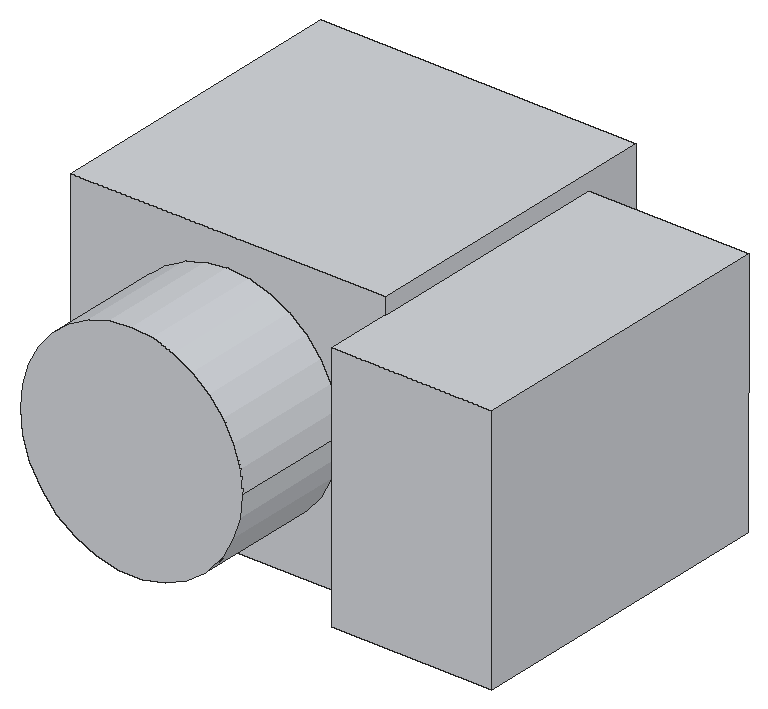
Revit family "EZTS", category Mechanical Equipment, Revit 2018
Family settings
  Round Connector Dimension = Use Diameter
  Part Type = Normal
  OmniClass Number = 23.75.00.00
  OmniClass Title = Climate Control (HVAC)
  Work Plane-Based = No
  Always vertical = Yes
  Cut with Voids When Loaded = No
  Shared = No
  Room Calculation Point = No
Parameters (values of type "Inlet Size 10 W/ Controller RH")
  Width = 1' - 2"
  URL = "https://www.anemostat-hvac.com/"
  RightController = yes
  Model = "EZTS"
  Manufacturer = "ANEMOSTAT PRODUCTS"
  Length = 1' - 2 1/2"
  LeftController = no
  Inlet_S = 0' - 5 3/8"
  InletRadius = InletDia / 2  # 0' - 4 15/16"
  InletDia = 0' - 9 7/8"
  Height = 1' - 0 1/2"
  EnslosureRear = 1' - 2 7/32"
  EnclosureWidth = 0' - 7 1/8"
  EnclosureHeight = 0' - 11 3/32"
  EnclosureFront = 0' - 3"
  EnclosureCenter = Height / 2  # 0' - 6 1/4"
  DischargeY = Height - 0' 1 1/4"  # 0' - 11 1/4"
  DischargeX = Width - 0' 1 1/4"  # 1' - 0 3/4"
  Discharge = 0' - 0 5/8"
  Description = "EZTS With Controller"
Types (18): name | Width | URL | RightController | Length | LeftController | InletRadius | InletDia | Height | EnclosureCenter | DischargeY | DischargeX
  Inlet Size 06 W/ Controller LH | 0' - 10" | "https://www.anemostat-hvac.com/" | no | 1' - 0 1/2" | yes | 0' - 2 15/16" | 0' - 5 7/8" | 0' - 10" | 0' - 5" | 0' - 8 3/4" | 0' - 8 3/4"
  Inlet Size 06 W/ Controller RH | 0' - 10" | "https://www.anemostat-hvac.com/" | yes | 1' - 0 1/2" | no | 0' - 2 15/16" | 0' - 5 7/8" | 0' - 10" | 0' - 5" | 0' - 8 3/4" | 0' - 8 3/4"
  Inlet Size 05 W/ Controller LH | 0' - 10" | "https://www.anemostat-hvac.com/" | no | 1' - 0 1/2" | yes | 0' - 2 7/16" | 0' - 4 7/8" | 0' - 10" | 0' - 5" | 0' - 8 3/4" | 0' - 8 3/4"
  Inlet Size 05 W/ Controller RH | 0' - 10" | "https://www.anemostat-hvac.com/" | yes | 1' - 0 1/2" | no | 0' - 2 7/16" | 0' - 4 7/8" | 0' - 10" | 0' - 5" | 0' - 8 3/4" | 0' - 8 3/4"
  Inlet Size 08 W/ Controller LH | 1' - 0" | "https://www.anemostat-hvac.com/" | no | 1' - 0 1/2" | yes | 0' - 3 15/16" | 0' - 7 7/8" | 0' - 10" | 0' - 5" | 0' - 8 3/4" | 0' - 10 3/4"
  Inlet Size 08 W/ Controller RH | 1' - 0" | "https://www.anemostat-hvac.com/" | yes | 1' - 0 1/2" | no | 0' - 3 15/16" | 0' - 7 7/8" | 0' - 10" | 0' - 5" | 0' - 8 3/4" | 0' - 10 3/4"
  Inlet Size 07 W/ Controller RH | 1' - 0" | "https://www.anemostat-hvac.com/" | yes | 1' - 0 1/2" | no | 0' - 3 7/16" | 0' - 6 7/8" | 0' - 10" | 0' - 5" | 0' - 8 3/4" | 0' - 10 3/4"
  Inlet Size 07 W/ Controller LH | 1' - 0" | "https://www.anemostat-hvac.com/" | no | 1' - 0 1/2" | yes | 0' - 3 7/16" | 0' - 6 7/8" | 0' - 10" | 0' - 5" | 0' - 8 3/4" | 0' - 10 3/4"
  Inlet Size 10 W/ Controller LH | 1' - 2" | "https://www.anemostat-hvac.com/" | no | 1' - 2 1/2" | yes | 0' - 4 15/16" | 0' - 9 7/8" | 1' - 0 1/2" | 0' - 6 1/4" | 0' - 11 1/4" | 1' - 0 3/4"
  Inlet Size 10 W/ Controller RH | 1' - 2" | "https://www.anemostat-hvac.com/" | yes | 1' - 2 1/2" | no | 0' - 4 15/16" | 0' - 9 7/8" | 1' - 0 1/2" | 0' - 6 1/4" | 0' - 11 1/4" | 1' - 0 3/4"
  Inlet Size 09 W/ Controller RH | 1' - 2" | "https://www.anemostat-hvac.com/" | yes | 1' - 2 1/2" | no | 0' - 4 7/16" | 0' - 8 7/8" | 1' - 0 1/2" | 0' - 6 1/4" | 0' - 11 1/4" | 1' - 0 3/4"
  Inlet Size 09 W/ Controller LH | 1' - 2" | "https://www.anemostat-hvac.com/" | no | 1' - 2 1/2" | yes | 0' - 4 7/16" | 0' - 8 7/8" | 1' - 0 1/2" | 0' - 6 1/4" | 0' - 11 1/4" | 1' - 0 3/4"
  Inlet Size 12 W/ Controller LH | 1' - 4" | "https://www.anemostat-hvac.com/" | no | 1' - 6 1/2" | yes | 0' - 5 15/16" | 0' - 11 7/8" | 1' - 3" | 0' - 7 1/2" | 1' - 1 3/4" | 1' - 2 3/4"
  Inlet Size 12 W/ Controller RH | 1' - 4" | "https://www.anemostat-hvac.com/" | yes | 1' - 6 1/2" | no | 0' - 5 15/16" | 0' - 11 7/8" | 1' - 3" | 0' - 7 1/2" | 1' - 1 3/4" | 1' - 2 3/4"
  Inlet Size 14 W/ Controller LH | 1' - 8" | "https://www.anemostat-hvac.com/" | no | 1' - 6 1/2" | yes | 0' - 6 15/16" | 1' - 1 7/8" | 1' - 5 1/2" | 0' - 8 3/4" | 1' - 4 1/4" | 1' - 6 3/4"
  Inlet Size 14 W/ Controller RH | 1' - 8" | "https://www.anemostat-hvac.com/" | yes | 1' - 6 1/2" | no | 0' - 6 15/16" | 1' - 1 7/8" | 1' - 5 1/2" | 0' - 8 3/4" | 1' - 4 1/4" | 1' - 6 3/4"
  Inlet Size 16 W/ Controller LH | 2' - 0" | "https://www.anemostat-hvac.com/" | no | 1' - 6 1/2" | yes | 0' - 7 15/16" | 1' - 3 7/8" | 1' - 5 1/2" | 0' - 8 3/4" | 1' - 4 1/4" | 1' - 10 3/4"
  Inlet Size 16 W/ Controller RH | 2' - 0" | "https://www.anemostat-hvac.com/\r\nhttps://www.anemostat-hvac.com/\r\nhttps://www.anemostat-hvac.com/" | yes | 1' - 6 1/2" | no | 0' - 7 15/16" | 1' - 3 7/8" | 1' - 5 1/2" | 0' - 8 3/4" | 1' - 4 1/4" | 1' - 10 3/4"
Reference planes (in)
  plane 1 "Center (Front/Back)": y = 0
  plane 2: z = 0
  plane 3 "Center (Left/Right)": x = 0
  plane 4 "RightSide": x = 7
  plane 5 "LeftSide": x = -7
  plane 6 "InletSide": y = -7.25
  plane 7: y = 3.96875
  plane 8 "EnclosureFront": y = -10.25
  plane 9: x = 14.125
  plane 10: x = -14.125
  plane 11 "DischargeSide": y = 7.25
  plane 12: y = 6.625
  plane 13: z = 12.5
  plane 14: z = 6.25
  plane 15: z = 11.79687
  plane 16: z = 0.70313
  plane 17: x = 6.375
  plane 18: x = -6.375
  plane 19: z = 11.875
  plane 20: z = 0.625
  plane 21: y = 6
  plane 22 "HWC SlipNDrive": y = 12.0625
  plane 23: z = 1.25
  plane 24: y = 10.375
  plane 25: y = 10.57317
  plane 26: z = 11.25
Forms (in)
  Extrusion 1, solid
    sketch origin (0, 0, 0) x (1, 0, 0) y (0, 1, 0)
      loop
        line (7, 6.625) -> (-7, 6.625) -> (-7, -7.25) -> (7, -7.25) -> (7, 6.625)
    from 0 to 12.5
  Extrusion 2, solid
    sketch origin (0, -7.25, 0) x (1, 0, 0) y (0, 0, 1)
      loop
        circle (0, 6.25) r 4.9375
    from 0 to 5.375 <- "Inlet_S"
  Extrusion 3, solid
    sketch origin (0, 7.25, 0) x (1, 0, 0) y (0, 0, 1)
      loop
        line (-6.375, 11.875) -> (-6.375, 0.625) -> (6.375, 0.625) -> (6.375, 11.875) -> (-6.375, 11.875)
    from 0 to 0.625 <- "Discharge"
Dimensions and locks (in)
  equal spacing: plane 5 "LeftSide", plane 3 "Center (Left/Right)", plane 4 "RightSide"
  "EnclosureFront": plane 8 "EnclosureFront" to plane 6 "InletSide"
  "Width": plane 5 "LeftSide" to plane 4 "RightSide"
  "EnclosureWidth": plane 4 "RightSide" to plane 9
  "EnclosureWidth": plane 10 to plane 5 "LeftSide"
  equal spacing: plane 11 "DischargeSide", plane 1 "Center (Front/Back)", plane 6 "InletSide"
  "Length": plane 11 "DischargeSide" to plane 6 "InletSide"
  "EnslosureRear": plane 7 to plane 8 "EnclosureFront"
  "Discharge": plane 12 to plane 11 "DischargeSide"
  equal spacing: plane 15, plane 14, plane 16
  "EnclosureHeight": plane 15 to plane 16
  "EnclosureCenter": plane 14 to level
  "Height": plane 13 to level
  equal spacing: plane 17, plane 3 "Center (Left/Right)", plane 18
  "DischargeX": plane 17 to plane 18
  "Discharge": plane 13 to plane 19
  "Discharge": plane 20 to level
  plane 6 "InletSide" to plane 11 "DischargeSide" = 1' - 2 1/2"
  locked: plane 21 to plane 12 at 0.625
  locked: plane 22 "HWC SlipNDrive" to plane 6 "InletSide" at 19.3125
  locked: plane 24 to plane 12 at 3.75
  locked: plane 23 to level at 1.25
  locked: plane 25 to plane 12 at 3.94817
  locked: plane 13 to plane 26 at 1.25
  "InletRadius": radius of Extrusion 2 sketch curve
  aligned and locked: level to plane 2
  aligned and locked: plane 12 to Extrusion 1 sketch curve
  aligned and locked: plane 4 "RightSide" to Extrusion 1 sketch curve
  aligned and locked: plane 6 "InletSide" to Extrusion 1 sketch curve
  aligned and locked: plane 5 "LeftSide" to Extrusion 1 sketch curve
  aligned and locked: plane 13 to Extrusion 1
  aligned and locked: plane 19 to Extrusion 3 sketch curve
  aligned and locked: Extrusion 3 sketch curve to plane 18
  aligned and locked: plane 20 to Extrusion 3 sketch curve
  aligned and locked: plane 17 to Extrusion 3 sketch curve
  aligned and locked: nested 1 to plane 7
  aligned and locked: plane 4 "RightSide" to nested 1
  aligned and locked: nested 2 to plane 5 "LeftSide"
  aligned and locked: nested 2 to plane 7
Automatic sketch dimensions
  Extrusion 2 sketch curve to plane 3 "Center (Left/Right)" = 0' - 0"
  Extrusion 2 sketch curve to plane 14 = 0' - 0"
Nested families (in)
  nested 1: "ControlEnclosure" at (7, 2.58942, 0), visible <- "RightController", type "Inlet Size 10 Enclosure Left"
    with EnclosureWidth 0' - 7 1/8", EnclosureHeight 0' - 11 3/32"
  nested 2: "ControlEnclosure" at (-7, 2.58942, 0) x (-1, 0, 0) z (0, 0, 1), visible <- "LeftController", type "Inlet Size 10 Enclosure Left"
    with EnclosureWidth 0' - 7 1/8", EnclosureHeight 0' - 11 3/32"
Connectors (in)
  hvac at (0, -12.625, 6.25), driven by "InletDia"
    settings: on Extrusion 2, index 1, duct flow 0 CFM, flow factor 0, pres drop 0.00 in-wg, loss coef 0, conn angle 0.00°, conn width 12", conn height 12", conn diameter 9 7/8", duct sys type 1, conn prof type 0, flow config 0, flow direction 1, loss method 0, conn ref index -1, conn util no, is conn primary yes, conn desc ""
  hvac at (0, 7.25, 6.25), driven by "DischargeY", driven by "DischargeX"
    settings: on Extrusion 3, index 2, duct flow 0 CFM, flow factor 0, pres drop 0.00 in-wg, loss coef 0, conn angle 0.00°, conn width 12 3/4", conn height 11 1/4", conn diameter 24", duct sys type 1, conn prof type 1, flow config 0, flow direction 2, loss method 0, conn ref index -1, conn util no, is conn primary no, conn desc ""
  electrical at (14.125, -3.14062, 6.25), driven by "RightController"
    settings: on nested 1, index 3, voltage 0 V, apparent load 0 VA, apparent load phase1 0 VA, apparent load phase2 0 VA, apparent load phase3 0 VA, power factor 1, load classification "Other", number of poles 1, system type 31, power factor state 1, is connector primary yes, connector utility yes, sub classification motor no, connector description ""
  electrical at (-14.125, -3.14062, 6.25), driven by "LeftController"
    settings: on nested 2, index 4, voltage 0 V, apparent load 0 VA, apparent load phase1 0 VA, apparent load phase2 0 VA, apparent load phase3 0 VA, power factor 1, load classification "Other", number of poles 1, system type 31, power factor state 1, is connector primary no, connector utility no, sub classification motor no, connector description ""
Definition of nested family "ControlEnclosure"
  Parameters (values of type "Enclosure")
    Width = 1' - 2"
    Lenght = 1' - 2 1/2"
    Height = 1' - 0 1/2"
    EnslosureRear = 1' - 2 7/32"
    EnclosureWidth = 0' - 7 1/8"
    EnclosureHeight = 0' - 11 3/32"
    EnclosureFront = 0' - 3"
    EnclosureCenter = Height / 2  # 0' - 6 1/4"
    DischargeY = 0' - 11 1/4"
    DischargeX = 1' - 0 3/4"
    Discharge = 0' - 0 5/8"
  Types (3): name | EnclosureWidth | EnclosureHeight
    Inlet Size 10 Enclosure Left | 0' - 11 3/32" | 0' - 7 1/8"
    Inlet Size 10 Enclosure Right | 0' - 7 1/8" | 0' - 6.00967"
    Enclosure | 0' - 7 1/8" | 0' - 11 3/32"
  Reference planes (in)
    plane 1 "Center (Front/Back)": y = 0
    plane 2: z = 0
    plane 3 "Center (Left/Right)": x = 0
    plane 4: x = 7
    plane 5: x = -7
    plane 6: y = -7.25
    plane 7: y = 1.37933
    plane 8: y = -12.83942
    plane 9 "EnclosureSide": x = 14.125
    plane 10: x = -14.125
    plane 11: y = 7.25
    plane 12: y = 6.625
    plane 13: z = 6.25
    plane 14: z = 11.79688
    plane 15: z = 0.70313
  Forms (in)
    Extrusion 1, solid
      sketch origin (0, 0, 0) x (0, 1, 0) y (0, 0, 1)
        loop
          line (1.37933, 11.79688) -> (-12.83942, 11.79688) -> (-12.83942, 0.70313) -> (1.37933, 0.70313) -> (1.37933, 11.79688)
      from 0 to 7.125 <- "EnclosureWidth"
  Dimensions and locks (in)
    equal spacing: plane 5, plane 3 "Center (Left/Right)", plane 4
    plane 8 to plane 6 = 0' - 5.58942"
    "Width": plane 5 to plane 4
    "EnclosureWidth": plane 4 to plane 9 "EnclosureSide"
    "EnclosureWidth": plane 10 to plane 5
    equal spacing: plane 11, plane 1 "Center (Front/Back)", plane 6
    "Lenght": plane 11 to plane 6
    "EnslosureRear": plane 7 to plane 8
    "Discharge": plane 12 to plane 11
    "EnclosureCenter": plane 13 to level
    equal spacing: plane 15, plane 13, plane 14
    "EnclosureHeight": plane 15 to plane 14
    aligned and locked: level to plane 2
    aligned and locked: Extrusion 1 sketch curve to plane 7
    aligned and locked: Extrusion 1 sketch curve to plane 14
    aligned and locked: Extrusion 1 sketch curve to plane 8
    aligned and locked: Extrusion 1 sketch curve to plane 15
